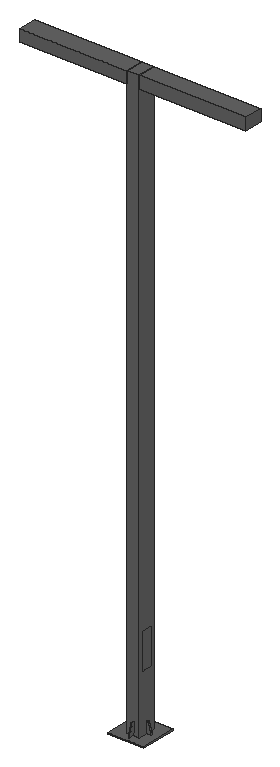
Revit family "Lin2-16.4ft-Double Head", category Lighting Fixtures, Revit 2022
Family settings
  Round Connector Dimension = Use Diameter
  Part Type = Normal
  OmniClass Number = 23.80.70.00
  OmniClass Title = Lighting
  Work Plane-Based = No
  Always vertical = Yes
  Cut with Voids When Loaded = No
  Light Source = No
  Maintain Annotation Orientation = No
  Shared = No
  Room Calculation Point = No
Parameters (values of type "LIN2-80W-3000K-V-9.84ft")
  Wattage Comments = "80W"
  URL = "https://www.abovealllighting.com/Product/LED-OUTDOOR-FIXTURES/LEDMOONSERIESPOSTTOP/MACKLINColumnLight.html"
  Power Factor = "0.9"
  Model = "LIN2-8030801-V-BK"
  Manufacturer = "Above All Lighting"  # constant formula
  Load Classification = Lighting
  Lamp = "LED"
  Input Voltage = "120-277V"
  IP Rating = "IP65"
  IES = LIN2 IES : 80W-V
  H = 16' - 4 205/256"  # constant formula
  Default Elevation = 0' - 0"
  CRI = "80"
Types (17): name | Wattage Comments | Model | IES
  (no name) | "80W" | "LIN2-8030801-V-BK" | LIN2 IES : 80W-V
  LIN2-70W-3000K-II-9.84ft | "70W" | "LIN2-7030801-II-BK" | LIN2 IES : 70W-II
  LIN2-70W-3000K-III-9.84ft | "70W" | "LIN2-7030801-III-BK" | LIN2 IES : 70W-III
  LIN2-70W-3000K-IV-9.84ft | "70W" | "LIN2-7030801-IV-BK" | LIN2 IES : 70W-IV
  LIN2-70W-3000K-V-9.84ft | "70W" | "LIN2-7030801-V-BK" | LIN2 IES : 70W-V
  LIN2-80W-3000K-II-9.84ft | "80W" | "LIN2-8030801-II-BK" | LIN2 IES : 80W-II
  LIN2-80W-3000K-III-9.84ft | "80W" | "LIN2-8030801-III-BK" | LIN2 IES : 80W-III
  LIN2-80W-3000K-IV-9.84ft | "80W" | "LIN2-8030801-IV-BK" | LIN2 IES : 80W-IV
  LIN2-80W-3000K-V-9.84ft | "80W" | "LIN2-8030801-V-BK" | LIN2 IES : 80W-V
  LIN2-100W-3000K-II-9.84ft | "100W" | "LIN2-10030801-II-BK" | LIN2 IES : 100W-II
  LIN2-100W-3000K-III-9.84ft | "100W" | "LIN2-10030801-III-BK" | LIN2 IES : 100W-III
  LIN2-100W-3000K-IV-9.84ft | "100W" | "LIN2-10030801-IV-BK" | LIN2 IES : 100W-IV
  LIN2-100W-3000K-V-9.84ft | "100W" | "LIN2-10030801-V-BK" | LIN2 IES : 100W-V
  LIN2-120W-3000K-II-9.84ft | "120W" | "LIN2-12030801-II-BK" | LIN2 IES : 120W-II
  LIN2-120W-3000K-III-9.84ft | "120W" | "LIN2-12030801-III-BK" | LIN2 IES : 120W-III
  LIN2-120W-3000K-IV-9.84ft | "120W" | "LIN2-12030801-IV-BK" | LIN2 IES : 120W-IV
  LIN2-120W-3000K-V-9.84ft | "120W" | "LIN2-12030801-V-BK" | LIN2 IES : 120W-V
Reference planes (in)
  plane 1 "Light Source Axis (F/B)": y = 0
  plane 2: z = 0
  plane 3 "Light Source Axis (L/R)": x = 0
  plane 4 "Light Source Elevation": z = 192.86078
  plane 5: z = 196.80078
  plane 6: x = -1.99
  plane 7: x = 1.99
  plane 8: x = 37.42
  plane 9: z = 192.86078
Forms (in)
  Extrusion 1, solid, material "Metal, Paint Finish, White, Matte"
    sketch origin (0, 0, 0) x (1, 0, 0) y (0, 1, 0)
      loop
        line (-1.99, 2.95) -> (-1.99, -2.95) -> (1.99, -2.95) -> (1.99, 2.95) -> (-1.99, 2.95)
    from 0 to 196.80078
  Extrusion 2, solid, material "Metal, Paint Finish, White, Matte"
    sketch origin (0, 0, 0) x (1, 0, 0) y (0, 1, 0)
      loop
        line (1.99, 2.95) -> (1.99, -2.95) -> (37.42, -2.95) -> (37.42, 2.95) -> (1.99, 2.95)
    from 192.86078 to 196.80078
  Extrusion 3, solid, material "Metal, Paint Finish, White, Matte"
    sketch origin (0, 0, 0) x (1, 0, 0) y (0, 1, 0)
      loop
        line (-5.905, 5.905) -> (-5.905, -5.905) -> (5.905, -5.905) -> (5.905, 5.905) -> (-5.905, 5.905)
    from 0 to 0.394
  Extrusion 4, solid, material "Glass, White, High Luminance"
    sketch origin (1.10399, 0, 0) x (1, 0, 0) y (0, 1, 0)
      loop
        line (20.18595, 1.42747) -> (20.18595, -1.42747) -> (29.42, -1.42747) -> (29.42, 1.42747) -> (20.18595, 1.42747)
    from 192.78709 to 192.86078
  Extrusion 5, solid, material "Metal, Paint Finish, White, Matte"
    sketch origin (0, 0, 0) x (0, 1, 0) y (0, 0, 1)
      loop
        arc (-1.27, 31.5) -> (-1.62355, 31.35355) -> (-1.77, 31) r 0.5
        line (-1.77, 31) -> (-1.77, 20.19)
        arc (-1.77, 20.19) -> (-1.62355, 19.83645) -> (-1.27, 19.69) r 0.5
        line (-1.27, 19.69) -> (1.27, 19.69)
        arc (1.27, 19.69) -> (1.62355, 19.83645) -> (1.77, 20.19) r 0.5
        line (1.77, 20.19) -> (1.77, 31)
        arc (1.77, 31) -> (1.62355, 31.35355) -> (1.27, 31.5) r 0.5
        line (1.27, 31.5) -> (-1.27, 31.5)
    from 1.99 to 2.21533
  Extrusion 6, solid, material "Glass, White, High Luminance"
    sketch origin (-11.39601, 0, 0) x (1, 0, 0) y (0, 1, 0)
      loop
        line (20.18595, 1.42747) -> (20.18595, -1.42747) -> (29.42, -1.42747) -> (29.42, 1.42747) -> (20.18595, 1.42747)
    from 192.78709 to 192.86078
  Extrusion 7, solid, material "Metal, Paint Finish, White, Matte"
    sketch origin (0, 0, 0) x (-1, 0, 0) y (0, -1, 0)
      loop
        line (1.99, -2.95) -> (37.42, -2.95) -> (37.42, 2.95) -> (1.99, 2.95) -> (1.99, -2.95)
    from 192.86078 to 196.80078
  Extrusion 8, solid, material "Glass, White, High Luminance"
    sketch origin (-1.10399, 0, 0) x (-1, 0, 0) y (0, -1, 0)
      loop
        line (20.18595, -1.42747) -> (29.42, -1.42747) -> (29.42, 1.42747) -> (20.18595, 1.42747) -> (20.18595, -1.42747)
    from 192.78709 to 192.86078
  Extrusion 9, solid, material "Glass, White, High Luminance"
    sketch origin (11.39601, 0, 0) x (-1, 0, 0) y (0, -1, 0)
      loop
        line (20.18595, -1.42747) -> (29.42, -1.42747) -> (29.42, 1.42747) -> (20.18595, 1.42747) -> (20.18595, -1.42747)
    from 192.78709 to 192.86078
  Extrusion 10, solid, material "Metal, Paint Finish, White, Matte"
    sketch origin (-0.10728, 0, 0) x (0, 1, 0) y (0, 0, 1)
      loop
        line (-2.95, 1.09358) -> (-2.95, 4.23575) -> (-3.41202, 4.23575)
        arc (-3.41202, 4.23575) -> (-3.65607, 4.13466) -> (-3.75715, 3.89062) r 0.34513
        line (-3.75715, 3.89062) -> (-4.64958, 1.144) -> (-4.64958, 0.394) -> (-3.64958, 0.394) -> (-2.95, 1.09358)
      loop
        line (2.95, 1.09358) -> (3.64958, 0.394) -> (4.64958, 0.394) -> (4.64958, 1.144) -> (3.75715, 3.89062)
        arc (3.75715, 3.89062) -> (3.65607, 4.13466) -> (3.41202, 4.23575) r 0.34513
        line (3.41202, 4.23575) -> (2.95, 4.23575) -> (2.95, 1.09358)
    from 0 to 0.21456
  Extrusion 11, solid, material "Metal, Paint Finish, White, Matte"
    sketch origin (0, 0.10728, 0) x (1, 0, 0) y (0, 0, 1)
      loop
        line (-1.99, 0.95993) -> (-1.99, 4.23575) -> (-2.45202, 4.23575)
        arc (-2.45202, 4.23575) -> (-2.69607, 4.13466) -> (-2.79715, 3.89062) r 0.34513
        line (-2.79715, 3.89062) -> (-3.68958, 1.144) -> (-3.68958, 0.394) -> (-2.55593, 0.394) -> (-1.99, 0.95993)
      loop
        line (1.99, 1.09358) -> (2.68958, 0.394) -> (3.68958, 0.394) -> (3.68958, 1.144) -> (2.79715, 3.89062)
        arc (2.79715, 3.89062) -> (2.69607, 4.13466) -> (2.45202, 4.23575) r 0.34513
        line (2.45202, 4.23575) -> (1.99, 4.23575) -> (1.99, 1.09358)
    from 0 to 0.21456
Dimensions and locks (in)
  locked: plane 5 to plane 9 at 3.94
  locked: plane 8 to Extrusion 1 at 39.41
  "H": plane 5 to level
  locked: Extrusion 3 to Extrusion 3 at 0.394
  locked: Extrusion 1 to Extrusion 1 at 5.9
  locked: Extrusion 4 to Extrusion 2 at 0.07369
  locked: plane 8 to Extrusion 1 at 35.43
  locked: Extrusion 8 to Extrusion 7 at 0.07369
  aligned and locked: level to plane 2
  aligned and locked: Extrusion 1 to level
  aligned and locked: plane 5 to Extrusion 1
  aligned and locked: Extrusion 2 sketch curve to Extrusion 1  (x2)
  aligned and locked: plane 5 to Extrusion 2
  aligned and locked: plane 9 to Extrusion 2
  aligned and locked: Extrusion 2 to Extrusion 1
  aligned and locked: Extrusion 1 to plane 5
  aligned and locked: Extrusion 3 to level
  aligned and locked: plane 9 to plane 4 "Light Source Elevation"
  aligned and locked: Extrusion 4 to plane 9
  aligned and locked: Extrusion 5 to Extrusion 1
  aligned and locked: Extrusion 6 to plane 9
  aligned and locked: Extrusion 6 to Extrusion 4
  aligned and locked: Extrusion 9 to Extrusion 8
  aligned and locked: plane 5 to Extrusion 7
  aligned and locked: plane 9 to Extrusion 7
  aligned and locked: Extrusion 8 to plane 9
  aligned and locked: Extrusion 9 to plane 9
  aligned and locked: Extrusion 9 to Extrusion 4
  aligned and locked: Extrusion 8 to Extrusion 4
  aligned and locked: plane 9 to nested 1
  aligned and locked: nested 2 to plane 9
Automatic sketch dimensions
  Extrusion 1 sketch curve to plane 6 = 0' - 0"
  Extrusion 1 sketch curve to plane 7 = 0' - 0"
  plane 1 "Light Source Axis (F/B)" to Extrusion 1 sketch curve = 0' - 2.95"
  Extrusion 1 sketch curve to plane 1 "Light Source Axis (F/B)" = 0' - 2.95"
  Extrusion 2 sketch curve to plane 7 = 0' - 0"
  Extrusion 2 sketch curve to plane 8 = 0' - 0"
  plane 6 to Extrusion 3 sketch curve = 0' - 3.915"
  plane 7 to Extrusion 3 sketch curve = 0' - 3.915"
  plane 1 "Light Source Axis (F/B)" to Extrusion 3 sketch curve = 0' - 5.905"
  Extrusion 3 sketch curve to plane 1 "Light Source Axis (F/B)" = 0' - 5.905"
  plane 1 "Light Source Axis (F/B)" to Extrusion 4 sketch curve = 0' - 1.42747"
  Extrusion 4 sketch curve to plane 8 = 1' - 4.13006"
  Extrusion 4 sketch curve to plane 8 = 0' - 6.89601"
  Extrusion 4 sketch curve to plane 1 "Light Source Axis (F/B)" = 0' - 1.42747"
  plane 1 "Light Source Axis (F/B)" to Extrusion 5 sketch curve = 0' - 1.77"
  Extrusion 5 sketch curve to Extrusion 5 sketch curve = 0' - 0 1/2"  (x3)
  Extrusion 5 sketch curve to plane 1 "Light Source Axis (F/B)" = 0' - 1.27"  (x2)
  level to Extrusion 5 sketch curve = 1' - 7.69"
  Extrusion 5 sketch curve to Extrusion 5 sketch curve = 0' - 10.81"
  plane 1 "Light Source Axis (F/B)" to Extrusion 6 sketch curve = 0' - 1.42747"
  plane 7 to Extrusion 6 sketch curve = 0' - 6.79994"
  Extrusion 6 sketch curve to Extrusion 6 sketch curve = 0' - 9.23405"
  Extrusion 6 sketch curve to plane 1 "Light Source Axis (F/B)" = 0' - 1.42747"
  Extrusion 7 sketch curve to plane 6 = 0' - 0"
  plane 1 "Light Source Axis (F/B)" to Extrusion 7 sketch curve = 0' - 2.95"
  Extrusion 7 sketch curve to Extrusion 7 sketch curve = 2' - 11.43"
  Extrusion 7 sketch curve to plane 1 "Light Source Axis (F/B)" = 0' - 2.95"
  plane 1 "Light Source Axis (F/B)" to Extrusion 8 sketch curve = 0' - 1.42747"
  plane 6 to Extrusion 8 sketch curve = 1' - 7.29994"
  Extrusion 8 sketch curve to Extrusion 8 sketch curve = 0' - 9.23405"
  Extrusion 8 sketch curve to plane 1 "Light Source Axis (F/B)" = 0' - 1.42747"
  plane 1 "Light Source Axis (F/B)" to Extrusion 9 sketch curve = 0' - 1.42747"
  plane 6 to Extrusion 9 sketch curve = 0' - 6.79994"
  Extrusion 9 sketch curve to Extrusion 9 sketch curve = 0' - 9.23405"
  Extrusion 9 sketch curve to plane 1 "Light Source Axis (F/B)" = 0' - 1.42747"
  level to Extrusion 10 sketch curve = 0' - 1.144"
  plane 1 "Light Source Axis (F/B)" to Extrusion 10 sketch curve = 0' - 4.64958"
  Extrusion 10 sketch curve to Extrusion 10 sketch curve = 0' - 0.89243"
  level to Extrusion 10 sketch curve = 0' - 0.394"  (x2)
  Extrusion 10 sketch curve to Extrusion 10 sketch curve = 0' - 1"  (x2)
  Extrusion 10 sketch curve to Extrusion 10 sketch curve = 0' - 0.34513"  (x2)
  Extrusion 10 sketch curve to Extrusion 10 sketch curve = 0' - 0.46202"  (x2)
  level to Extrusion 10 sketch curve = 0' - 1.09358"
  Extrusion 10 sketch curve to plane 1 "Light Source Axis (F/B)" = 0' - 2.95"
  Extrusion 10 sketch curve to Extrusion 10 sketch curve = 0' - 0.69958"  (x2)
  Extrusion 10 sketch curve to Extrusion 10 sketch curve = 0' - 0 3/4"
  Extrusion 10 sketch curve to Extrusion 10 sketch curve = 0' - 2.74662"  (x2)
  plane 6 to Extrusion 11 sketch curve = 0' - 0"
  Extrusion 11 sketch curve to plane 7 = 0' - 0"
  plane 6 to Extrusion 11 sketch curve = 0' - 0.46202"
  plane 6 to Extrusion 11 sketch curve = 0' - 0.56593"
  Extrusion 11 sketch curve to Extrusion 11 sketch curve = 0' - 0.34513"  (x2)
  Extrusion 11 sketch curve to Extrusion 11 sketch curve = 0' - 1.13365"
  plane 7 to Extrusion 11 sketch curve = 0' - 0.46202"
  plane 7 to Extrusion 11 sketch curve = 0' - 0.69958"
  Extrusion 11 sketch curve to Extrusion 11 sketch curve = 0' - 1"
  level to Extrusion 11 sketch curve = 0' - 0.394"  (x2)
  Extrusion 11 sketch curve to Extrusion 11 sketch curve = 0' - 0.56593"
  Extrusion 11 sketch curve to Extrusion 11 sketch curve = 0' - 0.69958"
  Extrusion 11 sketch curve to Extrusion 11 sketch curve = 0' - 0 3/4"  (x2)
  Extrusion 11 sketch curve to Extrusion 11 sketch curve = 0' - 2.74662"  (x2)
Nested families (in)
  nested 1: "LIN2 IES" at (-5.35027, 0, 192.86078), type <- "IES", type "80W-V"
    with built-in parameter 1001306 3.9583 (stored number, unit not read)
  nested 2: "LIN2 IES" at (5.35027, 0, 192.86078) x (-1, 0, 0) z (0, 0, 1), type <- "IES", type "80W-V"
    with built-in parameter 1001306 3.9583 (stored number, unit not read)
Definition of nested family "LIN2 IES"
  Parameters (values of type "120W-V")
    Wattage = 105.095 W
    built-in parameter 1150110 = 1 (stored number, unit not read)
    built-in parameter 1114217 = 1 (stored number, unit not read)
    Tilt Angle = 90.00°
    built-in parameter 1150109 = 1 (stored number, unit not read)
    built-in parameter 1150134 = (empty or 0)
    built-in parameter 1150113 = 1 (stored number, unit not read)
    Power Factor = ""
    Photometric Web File = "LIN2-12030801-V-BK.IES"
    Manufacturer = "Above All Lighting"
    built-in parameter 1150105 = 9127.9 (stored number, unit not read)
    Lumens = 15611 lm
    built-in parameter 1150115 = 1 (stored number, unit not read)
    Load Classification = none
    built-in parameter 1150137 = (empty or 0)
    built-in parameter 1150139 = (empty or 0)
    built-in parameter 1001306 [instance] = 2' - 0 103/128"
    built-in parameter 1150112 = 1 (stored number, unit not read)
    built-in parameter 1150114 = 1 (stored number, unit not read)
    Input Voltage = ""
    built-in parameter 1150132 = 2
    built-in parameter 1150102 = (empty or 0)
    built-in parameter 1150107 = 3000 (stored number, unit not read)
    built-in parameter 1150138 = (empty or 0)
    built-in parameter 1150106 = 91.279 (stored number, unit not read)
    IP Rating = ""
    built-in parameter 1150104 = 13.8 (stored number, unit not read)
    Dimming Lamp Color Temperature Shift = (empty or 0)
    Default Elevation = 0' - 0"
    Color Filter = 16777215
    CRI = ""
    built-in parameter 1114218 = 1 (stored number, unit not read)
    built-in parameter 1150133 = 10 (stored number, unit not read)
  Types (17): name | Wattage | Photometric Web File | built-in parameter 1150105 | Lumens | built-in parameter 1150106
    (no name) | 105.095 W | "LIN2-12030801-V-BK.IES" | 9127.9 (stored number, unit not read) | 15611 lm | 91.279 (stored number, unit not read)
    70W-II | 68.8492 W | "LIN2-7030801-III-BK.IES" | 813.84 (stored number, unit not read) | 10227 lm | 8.1384 (stored number, unit not read)
    70W-III | 62.4335 W | "LIN2-7030801-III-BK.IES" | 4085.7 (stored number, unit not read) | 9274 lm | 40.857 (stored number, unit not read)
    70W-IV | 69.2599 W | "LIN2-7030801-IV-BK.IES" | 4532.4 (stored number, unit not read) | 10288 lm | 45.324 (stored number, unit not read)
    70W-V | 67.1527 W | "LIN2-7030801-V-BK.IES" | 5934.8 (stored number, unit not read) | 9975 lm | 59.348 (stored number, unit not read)
    80W-II | 75.1034 W | "LIN2-8030801-II-BK.IES" | 5865.9 (stored number, unit not read) | 11156 lm | 58.659 (stored number, unit not read)
    80W-III | 68.8156 W | "LIN2-8030801-III-BK.IES" | 5305.2 (stored number, unit not read) | 10222 lm | 53.052 (stored number, unit not read)
    80W-IV | 77.3923 W | "LIN2-8030801-IV-BK.IES" | 5052.3 (stored number, unit not read) | 11496 lm | 50.523 (stored number, unit not read)
    80W-V | 75.2245 W | "LIN2-8030801-V-BK.IES" | 6605.1 (stored number, unit not read) | 11174 lm | 66.051 (stored number, unit not read)
    100W-II | 90.7353 W | "LIN2-10030801-II-BK.IES" | 7068.7 (stored number, unit not read) | 13478 lm | 70.687 (stored number, unit not read)
    100W-III | 81.8355 W | "LIN2-10030801-III-BK.IES" | 6304.7 (stored number, unit not read) | 12156 lm | 63.047 (stored number, unit not read)
    100W-IV | 92.8761 W | "LIN2-10030801-IV-BK.IES" | 6055.6 (stored number, unit not read) | 13796 lm | 60.556 (stored number, unit not read)
    100W-V | 90.567 W | "LIN2-10030801-V-BK.IES" | 7891.5 (stored number, unit not read) | 13453 lm | 78.915 (stored number, unit not read)
    120W-II | 104.449 W | "LIN2-12030801-II-BK.IES" | 8102.7 (stored number, unit not read) | 15515 lm | 81.027 (stored number, unit not read)
    120W-III | 93.7984 W | "LIN2-12030801-III-BK.IES" | 7255.2 (stored number, unit not read) | 13933 lm | 72.552 (stored number, unit not read)
    120W-IV | 104.583 W | "LIN2-12030801-IV-BK.IES" | 6794.2 (stored number, unit not read) | 15535 lm | 67.942 (stored number, unit not read)
    120W-V | 105.095 W | "LIN2-12030801-V-BK.IES" | 9127.9 (stored number, unit not read) | 15611 lm | 91.279 (stored number, unit not read)
  Reference planes (in)
    plane 1 "Center (Front/Back)": y = 0
    plane 2: z = 0
    plane 3 "Left": x = 0
    plane 4 "Right": x = 24.80469
  Lines and regions (in)
    reference lines
      curve 1: line (0, 0, 0) -> (24.80469, 0, 0)
  Dimensions and locks (in)
    "built-in parameter 1001306": plane 3 "Left" to plane 4 "Right"
    aligned and locked: plane 4 "Right" to curve 1
    aligned and locked: plane 1 "Center (Front/Back)" to curve 1
    aligned and locked: plane 3 "Left" to curve 1
    aligned and locked: level to plane 2
